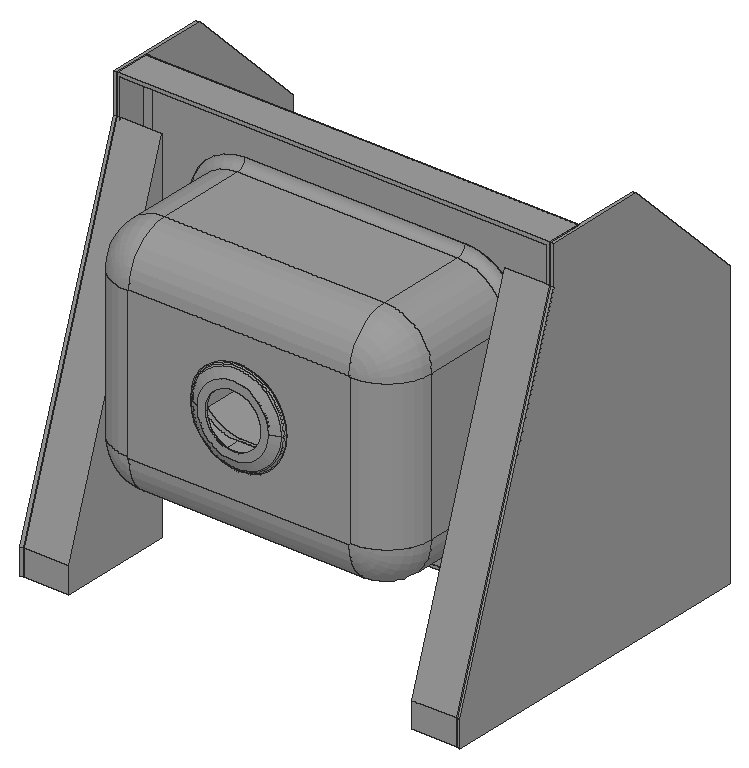
Revit family "equip-sink-elkay-hand-wall-chs1716", category Plumbing Fixtures, host Face, Revit 2019
Family settings
  Host = Face
  Round Connector Dimension = Use Radius
  Part Type = Normal
  Cut with Voids When Loaded = No
  Shared = No
  Room Calculation Point = No
Parameters (values of type "CHS1716LRS2")
  Side Splashes = yes
  Rough-In Water Supply Distance Left from CL Sink = 0' - 8 5/8"
  WFU = 0
  Vent Connection = yes
  Valve Material = Metal - Brass
  URL = "www.elkayusa.com"
  Type Comments = ""
  Thermostatic Mix Valve = no
  Supply Line Mix Length = if(No Mix Valve, 0' 3 1/2", 0' 0 1/2")  # 0' - 3 1/2"
  Stem Material = Metal - Steel
  Specification Sheet URL = "http://www.elkayusa.com/cps/rde/xbcr/elkay/04-17_CHS1716LRSC.pdf"
  Sink Width = 1' - 3 1/2"
  Sink San Conn Extr Visibility = no
  Sink Part = "CHS1716LRS2"
  Sink Material = Metal - Steel - Stainless - Chrome
  Sink Length = 1' - 4 3/4"
  Sink Ledge Right Width Hidden = if(Sink Ledge Right Width > 0' 1 1/2", Sink Ledge Right Width, 0' 1 1/2")  # 0' - 2 3/8"
  Sink Ledge Right Width = 0' - 2 3/8"
  Sink Ledge Left Width Hidden = if(Sink Ledge Left Width > 0' 1 1/2", Sink Ledge Left Width, 0' 1 1/2")  # 0' - 2 3/8"
  Sink Ledge Left Width = 0' - 2 3/8"
  Sink Ledge Front Width Hidden = if(Sink Ledge Front Width > 0' 1 1/2", Sink Ledge Front Width, 0' 1 1/2")  # 0' - 2 3/8"
  Sink Ledge Front Width = 0' - 2 3/8"
  Sink Ledge Back Width Hidden = if(Sink Ledge Back Width > 0' 1 1/2", Sink Ledge Back Width, 0' 1 1/2")  # 0' - 3 7/8"
  Sink Ledge Back Width = 0' - 3 7/8"
  Sanitary Nominal Radius = Sanitary Nominal Dia / 2  # 0' - 0 3/4"
  Sanitary Nominal Dia = 0' - 1 1/2"
  Sanitary Flow Rate = 10 GPM
  Rough-In Water Supply Installation Height = 1' - 1 1/8"
  Rough-In Sanitary Right From CL Sink = 0' - 2"
  Rough-In Sanitary Installation Height = 2' - 2"
  Right Bowl Dist to Right Sink Edge = 0' - 2"
  Reference Level to Back Plane = 0' - 1 1/2"
  OmniClass Title = "Service Sinks"
  OmniClass Code = "23.45.05.14.14.27"
  Nominal Radius = Nominal Dia / 2  # 0' - 0 1/4"
  Nominal Dia = 0' - 0 1/2"
  No Mix Valve = yes
  Model = "CHS1716LRS2"
  Mix Valve Part = "NA"
  Minimum Cabinet Width = "NA"
  Mechanical Mix Valve = no
  MasterFormat Title = "Commercial Sinks"
  MasterFormat Number = "22.42.16.16"
  Manufacturer = "Elkay Manufacturing"
  Left Bowl Dist to Left Sink Edge = 0' - 2"
  Keynote = "D2010410"
  Hole Radius = Faucet Hole Dia / 2  # 0' - 0 5/8"
  Hole One to Two = 0' - 4"
  Hole One to Three = 0' - 8"
  HWFU = 0
  HW Flow Rate = 2 GPM
  Floor to Rim Height Hidden [instance] = if(Default Elevation > 2' 7 31/64", Default Elevation, 2' 7 1/2")  # 3' - 0"
  Faucet Water Supply Radius = 0' - 0 3/16"  # constant formula
  Faucet Part = "NA"
  Faucet Material = Metal - Steel - Stainless - Chrome
  Faucet Hole Two Top = 0' - 0 1/8"
  Faucet Hole Two = Faucet Hole Two Top > 0' 0 63/256"  # no
  Faucet Hole Three Top = 0' - 0 1/4"
  Faucet Hole Three = Faucet Hole Three Top > 0' 0 63/256"  # yes
  Faucet Hole One to CL = 0' - 4"
  Faucet Hole One Top = 0' - 0 1/4"
  Faucet Hole One = Faucet Hole One Top > 0' 0 63/256"  # yes
  Faucet Hole Dia = 0' - 1 1/4"
  Drain Part = "NA"
  Drain Material = Metal - Steel - Stainless - Chrome
  Drain CL LR to Left Bowl Edge = Bowl Length / 2  # 0' - 6"
  Distance Between Rough-In Water Supplies = 0' - 8"
  Description = "Wash-Up Lavatory Sinks"
  Default Elevation = 3' - 0"
  Date Created = "2011-06-30"
  Cost = 1
  CWFU = 0
  CW Flow Rate = 2 GPM
  Faucet CL to Top Backsplash = 0' - 4"
  Bubbler Part = "NA"
  Bubbler Nominal Radius = Bubbler Nominal Dia / 2  # 0' - 0 1/4"
  Bubbler Nominal Dia = 0' - 0 1/2"
  Bubbler Material = Metal - Steel - Stainless - Chrome
  Bubbler CW Flow Rate = 2 GPM
  Bowl Width = (Sink Width - Sink Ledge Front Width - Sink Ledge Back Width)  # 0' - 9 1/4"
  Bowl Length = Sink Length - Sink Ledge Left Width - Sink Ledge Right Width  # 1' - 0"
  Bowl Drain Location FB = Bowl Width / 2  # 0' - 4 5/8"
  Bowl Depth = 0' - 6"
  Backsplash Width = 0' - 2"
  Backsplash Height = 0' - 7 3/8"
  Assembly Code = "D2010410"
  Angle to Drain [instance] = 48.188°
  AC Power = no
Types (4): name | Side Splashes | Specification Sheet URL | Sink Part | Model | Faucet Hole Two Top | Faucet Hole Two | Faucet Hole Three Top | Faucet Hole Three | Faucet Hole One Top | Faucet Hole One
  CHS17162 | no | "http://www.elkayusa.com/cps/rde/xbcr/elkay/04-01H_CHS1716(C).pdf" | "CHS17162" | "CHS17162" | 0' - 0 1/8" | no | 0' - 0 1/4" | yes | 0' - 0 1/4" | yes
  CHS1716LRS2 | yes | "http://www.elkayusa.com/cps/rde/xbcr/elkay/04-17_CHS1716LRSC.pdf" | "CHS1716LRS2" | "CHS1716LRS2" | 0' - 0 1/8" | no | 0' - 0 1/4" | yes | 0' - 0 1/4" | yes
  CHS17161 | no | "http://www.elkayusa.com/cps/rde/xbcr/elkay/04-01H_CHS1716(C).pdf" | "CHS17161" | "CHS17162" | 0' - 0 1/4" | yes | 0' - 0 1/8" | no | 0' - 0 1/8" | no
  CHS1716LRS1 | yes | "http://www.elkayusa.com/cps/rde/xbcr/elkay/04-17_CHS1716LRSC.pdf" | "CHS1716LRS2" | "CHS1716LRS2" | 0' - 0 1/4" | yes | 0' - 0 1/8" | no | 0' - 0 1/8" | no
Reference planes (in)
  plane 1 "Center (Front/Back)": y = 0
  plane 2: z = 0
  plane 3 "Center (Left/Right)": x = 0
  plane 4 "Recommend Installation Base": y = -36
  plane 5 "Face of Connectors": z = 0.125
  plane 6 "Water Supply Install Height": y = -22.875
  plane 7 "Sanitary Install Height": y = -10
  plane 8 "Water Cold Supply Install Plan": x = -0.625
  plane 9 "Water Hot Supply Plan": x = -8.625
  plane 10 "Sanitary Install Plan": x = 2
  plane 11 "Sink Deck": y = -0.1875
  plane 12 "CL Drain F/B": z = 8.5
  plane 13 "Back Edge Bowl": z = 3.875
  plane 14 "Left": x = -8.375
  plane 15 "Right": x = 8.375
  plane 16 "Front": z = 15.5
  plane 17 "Front Edge Bowl": z = 13.125
  plane 18 "Left Edge Bowl": x = -6
  plane 19 "Right Edge Bowl": x = 6
  plane 20 "Sweep Inside Left": x = -7.82422
  plane 21 "Sweep Inside Right": x = 7.82422
  plane 22 "Sweep Inside Front": z = 14.94922
  plane 23 "Masking Region": y = 1.25
  plane 24 "Top of Drain Family": y = -6.0625
  plane 25 "Bowl Bottom": y = -6.1875
  plane 26 "CL Faucet Hole Elevation": y = 3.1875
  plane 27 "Top": y = 7.1875
  plane 28 "Bottom Drain Pipe Extension": y = -9.5865
  plane 29 "Top of Drain Pipe Extension": y = -7.5325
  plane 30 "Backsplash Front": z = 2
  plane 31 "Right SideSplash": x = 8.5
  plane 32 "Left SideSplash": x = -8.5
  plane 33: x = 4.04669
  plane 34 "Left Edge Faucet": x = -0.1875
  plane 35 "Right Faucet Edge": x = 0.1875
Forms (in)
  Extrusion 1, solid, material "Glass", not visible
    sketch origin (0, 0, 0) x (1, 0, 0) y (0, 1, 0)
      loop
        circle (2, -10) r 0.75
    from 0 to 0.125
  Extrusion 2, solid, material "Glass", not visible
    sketch origin (0, 0, 0) x (1, 0, 0) y (0, 1, 0)
      loop
        circle (-8.625, -22.875) r 0.25
    from 0 to 0.125
  Extrusion 3, solid, material "Glass", not visible
    sketch origin (0, 0, 0) x (1, 0, 0) y (0, 1, 0)
      loop
        circle (-0.625, -22.875) r 0.25
    from 0 to 0.125
Lines and regions (in)
  Masking region 1
    outline origin (0, 1.25, 0) x (0, 0, 1) y (1, 0, 0)
      loop
        line (15.5, 8.375) -> (0, 8.375) -> (0, -8.375) -> (15.5, -8.375) -> (15.5, 8.375)
  Masking region 2, visible <- "Side Splashes"
    outline origin (0, 1.25, 0) x (0, 0, 1) y (1, 0, 0)
      loop
        line (15.5, 8.5) -> (0, 8.5) -> (0, 8.375) -> (15.5, 8.375) -> (15.5, 8.5)
  Masking region 3, visible <- "Side Splashes"
    outline origin (0, 1.25, 0) x (0, 0, 1) y (1, 0, 0)
      loop
        line (15.5, -8.375) -> (0, -8.375) -> (0, -8.5) -> (15.5, -8.5) -> (15.5, -8.375)
  reference lines
    curve 1: circle (2, -10, 0) r 0.75 normal (0, 0, 1)
    curve 2: circle (-8.625, -22.875, 0) r 0.25 normal (0, 0, 1)
    curve 3: circle (-0.625, -22.875, 0) r 0.25 normal (0, 0, 1)
    curve 4: circle (-0.625, 0, 5.5) r 0.25 normal (0, -1, 0)
    curve 5: circle (0, 0, 5.5) r 0.1875 normal (0, -1, 0)
    curve 6: circle (0, 1.25, 8.5) r 1.075 normal (0, 1, 0)
    curve 7: circle (0, 1.25, 8.5) r 1.875 normal (0, 1, 0)
  symbolic lines
    curve 8: line (4.25, 1.25, 3.875) -> (-4.25, 1.25, 3.875)
    curve 9: line (6, 1.25, 5.625) -> (6, 1.25, 11.375)
    curve 10: line (-6, 1.25, 11.375) -> (-6, 1.25, 5.625)
    curve 11: line (4.25, 1.25, 13.125) -> (-4.25, 1.25, 13.125)
    curve 12: arc (-6, 1.25, 11.375) -> (-5.48744, 1.25, 12.61244) -> (-4.25, 1.25, 13.125) r 1.75
    curve 13: arc (6, 1.25, 11.375) -> (5.48744, 1.25, 12.61244) -> (4.25, 1.25, 13.125) r 1.75
    curve 14: arc (6, 1.25, 5.625) -> (5.48744, 1.25, 4.38756) -> (4.25, 1.25, 3.875) r 1.75
    curve 15: arc (-4.25, 1.25, 3.875) -> (-5.48744, 1.25, 4.38756) -> (-6, 1.25, 5.625) r 1.75
    curve 16: circle (0, 1.25, 8.5) r 1.875 normal (0, 1, 0)
    curve 17: circle (0, 1.25, 8.5) r 1.075 normal (0, 1, 0)
    curve 18: line (7.82422, 1.25, 14.94922) -> (-7.82422, 1.25, 14.94922)
    curve 19: line (7.82422, 1.25, 2) -> (7.82422, 1.25, 14.94922)
    curve 20: line (-7.82422, 1.25, 14.94922) -> (-7.82422, 1.25, 2)
    curve 21: line (8.375, 1.25, 2) -> (-8.375, 1.25, 2)
Dimensions and locks (in)
  plane 4 "Recommend Installation Base" to plane 1 "Center (Front/Back)" = 3' - 0"
  locked: plane 5 "Face of Connectors" to plane 2 at 0.125
  "Rough-In Water Supply Distance Left from CL Sink": plane 9 "Water Hot Supply Plan" to plane 3 "Center (Left/Right)"
  "Distance Between Rough-In Water Supplies": plane 9 "Water Hot Supply Plan" to plane 8 "Water Cold Supply Install Plan"
  "Rough-In Sanitary Right From CL Sink": plane 3 "Center (Left/Right)" to plane 10 "Sanitary Install Plan"
  "Floor to Rim Height Hidden": plane 4 "Recommend Installation Base" to plane 1 "Center (Front/Back)"
  "Rough-In Water Supply Installation Height": plane 6 "Water Supply Install Height" to plane 4 "Recommend Installation Base"
  "Rough-In Sanitary Installation Height": plane 7 "Sanitary Install Height" to plane 4 "Recommend Installation Base"
  locked: plane 1 "Center (Front/Back)" to plane 11 "Sink Deck" at 0.1875
  "Bowl Drain Location FB": plane 12 "CL Drain F/B" to plane 13 "Back Edge Bowl"
  locked: plane 22 "Sweep Inside Front" to plane 16 "Front" at 0.55078
  locked: plane 14 "Left" to plane 20 "Sweep Inside Left" at 0.55078
  locked: plane 21 "Sweep Inside Right" to plane 15 "Right" at 0.55078
  "Sink Ledge Left Width Hidden": plane 14 "Left" to plane 18 "Left Edge Bowl"
  "Sink Ledge Right Width Hidden": plane 19 "Right Edge Bowl" to plane 15 "Right"
  "Sink Ledge Front Width Hidden": plane 17 "Front Edge Bowl" to plane 16 "Front"
  "Sink Length": plane 14 "Left" to plane 15 "Right"
  equal spacing: plane 14 "Left", plane 3 "Center (Left/Right)", plane 15 "Right"
  locked: plane 1 "Center (Front/Back)" to plane 23 "Masking Region" at 1.25
  locked: plane 25 "Bowl Bottom" to plane 24 "Top of Drain Family" at 0.125
  "Bowl Depth": plane 25 "Bowl Bottom" to plane 11 "Sink Deck"
  "Sink Ledge Back Width Hidden": plane 13 "Back Edge Bowl" to plane 2
  "Sink Width": plane 2 to plane 16 "Front"
  "Faucet CL to Top Backsplash": plane 26 "CL Faucet Hole Elevation" to plane 27 "Top"
  "Backsplash Height": plane 11 "Sink Deck" to plane 27 "Top"
  plane 28 "Bottom Drain Pipe Extension" to plane 7 "Sanitary Install Height" = 0' - 0.4135"
  locked: plane 24 "Top of Drain Family" to plane 29 "Top of Drain Pipe Extension" at 1.47
  "Backsplash Width": host face to plane 30 "Backsplash Front"
  locked: plane 32 "Left SideSplash" to plane 14 "Left" at 0.125
  locked: plane 15 "Right" to plane 31 "Right SideSplash" at 0.125
  locked: plane 35 "Right Faucet Edge" to plane 3 "Center (Left/Right)" at 0.1875
  locked: plane 3 "Center (Left/Right)" to plane 34 "Left Edge Faucet" at 0.1875
  "Sanitary Nominal Radius": radius of curve 1
  "Nominal Radius": radius of curve 2
  "Nominal Radius": radius of curve 3
  "Nominal Radius": radius of curve 4
  "Faucet Water Supply Radius": radius of curve 5
  aligned and locked: plane 2 to host face
  aligned and locked: level to host face
  aligned: nested 1 to plane 1 "Center (Front/Back)"
  aligned and locked: Extrusion 1 sketch curve to curve 1
  aligned and locked: Extrusion 2 sketch curve to curve 2
  aligned and locked: Extrusion 3 sketch curve to curve 3
  aligned and locked: Extrusion 1 to plane 2
  aligned and locked: plane 5 "Face of Connectors" to Extrusion 1
  aligned and locked: Extrusion 3 to plane 2
  aligned and locked: plane 5 "Face of Connectors" to Extrusion 3
  aligned and locked: Extrusion 2 to plane 2
  aligned and locked: plane 5 "Face of Connectors" to Extrusion 2
  aligned and locked: plane 3 "Center (Left/Right)" to nested 1
  aligned: plane 1 "Center (Front/Back)" to nested 1
  aligned and locked: Masking region 1 sketch curve to plane 14 "Left"
  aligned and locked: plane 16 "Front" to Masking region 1 sketch curve
  aligned and locked: plane 15 "Right" to Masking region 1 sketch curve
  aligned and locked: plane 2 to Masking region 1 sketch curve
  aligned and locked: plane 31 "Right SideSplash" to Masking region 2 sketch curve
  aligned and locked: Masking region 2 sketch curve to plane 15 "Right"
  aligned and locked: plane 16 "Front" to Masking region 2 sketch curve
  aligned and locked: plane 2 to Masking region 2 sketch curve
  aligned and locked: plane 16 "Front" to Masking region 3 sketch curve
  aligned and locked: Masking region 3 sketch curve to plane 32 "Left SideSplash"
  aligned and locked: plane 14 "Left" to Masking region 3 sketch curve
  aligned and locked: plane 2 to Masking region 3 sketch curve
  aligned and locked: curve 12 to nested 1
  aligned and locked: curve 13 to nested 1
  aligned and locked: curve 14 to nested 1
  aligned and locked: curve 15 to nested 1
  aligned and locked: curve 16 to curve 7
  aligned and locked: curve 17 to curve 6
  aligned and locked: plane 22 "Sweep Inside Front" to curve 18
  aligned and locked: curve 20 to plane 20 "Sweep Inside Left"
  aligned and locked: plane 21 "Sweep Inside Right" to curve 19
  aligned and locked: plane 30 "Backsplash Front" to curve 19
  aligned and locked: curve 21 to plane 30 "Backsplash Front"
  aligned and locked: plane 15 "Right" to curve 21
  aligned and locked: plane 14 "Left" to curve 21
Automatic sketch dimensions
  host sketch curve to host sketch curve = 8' - 0"  (x2)
  curve 4 to plane 8 "Water Cold Supply Install Plan" = 0' - 0"
  curve 5 to plane 3 "Center (Left/Right)" = 0' - 0"
  curve 2 to plane 6 "Water Supply Install Height" = 0' - 0"
  curve 2 to plane 9 "Water Hot Supply Plan" = 0' - 0"
  curve 3 to plane 6 "Water Supply Install Height" = 0' - 0"
  curve 3 to plane 8 "Water Cold Supply Install Plan" = 0' - 0"
  curve 1 to plane 7 "Sanitary Install Height" = 0' - 0"
  curve 1 to plane 10 "Sanitary Install Plan" = 0' - 0"
  plane 13 "Back Edge Bowl" to curve 5 = 0' - 1 5/8"
  plane 13 "Back Edge Bowl" to curve 4 = 0' - 1 5/8"
  curve 6 to curve 7 = 0' - 0"  (x2)
  curve 7 to plane 3 "Center (Left/Right)" = 0' - 0"
  curve 7 to plane 12 "CL Drain F/B" = 0' - 0"
  radius of curve 6 = 0' - 1.075"
  radius of curve 7 = 0' - 1 7/8"
Nested families (in)
  nested 1: "equip-sink-elkay-hand-wall-perp" at (0, 2, 0), type "equip-sink-elkay-hand-wall-perp"
    with Side Splashes yes, San Conn Extr Visibility no, Faucet Hole Two Top 0' - 0 1/8", Faucet Hole Two no, Faucet Hole Three Top 0' - 0 1/4", Faucet Hole Three yes, Faucet Hole One yes, Faucet Hole One Top 0' - 0 1/4"
Connectors (in)
  piping at (2, -10, 0), diameter 1.5, driven by "Sanitary Nominal Radius", driven by "Sanitary Flow Rate"
    settings: on Extrusion 1, index 1, connector inside diameter 1 1/2", connector length 0' - 0", flow factor 0, pipe flow 10 GPM, pressure drop 0.00 psi, fitting loss kfactor 0, connector angle 0.00°, fixture units 0, engagement length 0' - 0", angle of deflection 0.00°, flow configuration 1, flow direction 2, fitting loss method 0, system type 16, joint type 0, gender type 0, connector reference index -1, connector utility 0, adjustable connector yes, is connector primary yes, connector description "Sanitary"
  piping at (-0.625, -22.875, 0), diameter 0.5, driven by "Nominal Radius", driven by "CW Flow Rate"
    settings: on Extrusion 3, index 2, connector inside diameter 1/2", connector length 0' - 0", flow factor 0, pipe flow 2 GPM, pressure drop 0.00 psi, fitting loss kfactor 0, connector angle 0.00°, fixture units 0, engagement length 0' - 0", angle of deflection 0.00°, flow configuration 1, flow direction 1, fitting loss method 0, system type 29, joint type 0, gender type 0, connector reference index -1, connector utility 0, adjustable connector no, is connector primary no, connector description "Cold Water Supply"
  piping at (-8.625, -22.875, 0), diameter 0.5, driven by "Nominal Radius", driven by "CW Flow Rate"
    settings: on Extrusion 2, index 3, connector inside diameter 1/2", connector length 0' - 0", flow factor 0, pipe flow 2 GPM, pressure drop 0.00 psi, fitting loss kfactor 0, connector angle 0.00°, fixture units 0, engagement length 0' - 0", angle of deflection 0.00°, flow configuration 1, flow direction 1, fitting loss method 0, system type 29, joint type 0, gender type 0, connector reference index -1, connector utility 0, adjustable connector no, is connector primary no, connector description "Hot Water Supply"
Definition of nested family "equip-sink-elkay-hand-wall-perp"
  Parameters
    URL = "www.elkayusa.com"
    Stem Material = none
    Specification Sheet URL = ""
    Sink Width = 1' - 3 1/2"
    Sink Material = none
    Sink Length = 1' - 4 3/4"
    Sink Ledge Right Width Hidden = if(Sink Ledge Right Width > 0' 1 1/2", Sink Ledge Right Width, 0' 1 1/2")  # 0' - 2 3/8"
    Sink Ledge Right Width = 0' - 2 3/8"
    Sink Ledge Left Width Hidden = if(Sink Ledge Left Width > 0' 1 1/2", Sink Ledge Left Width, 0' 1 1/2")  # 0' - 2 3/8"
    Sink Ledge Left Width = 0' - 2 3/8"
    Sink Ledge Front Width Hidden = if(Sink Ledge Front Width > 0' 1 1/2", Sink Ledge Front Width, 0' 1 1/2")  # 0' - 2 3/8"
    Sink Ledge Front Width = 0' - 2 3/8"
    Sink Ledge Back Width Hidden = if(Sink Ledge Back Width > 0' 1 1/2", Sink Ledge Back Width, 0' 1 1/2")  # 0' - 3 7/8"
    Sink Ledge Back Width = 0' - 3 7/8"
    Sink Part = "CHS1716"
    Side Splashes = no
    San Conn Extr Visibility = yes
    Reference Level to Back Plane = 0' - 0"  # constant formula
    Plan View = yes
    Nominal Radius = Nominal Dia / 2  # 0' - 0 3/16"
    Nominal Dia = 0' - 0 3/8"
    Hole Radius = Faucet Hole Dia / 2  # 0' - 0 5/8"
    Hole One to Two = 0' - 4"
    Hole One to Three = 0' - 8"
    HW Flow Rate = 2 GPM
    Faucet Part = ""
    Faucet Material = none
    Faucet Hole Two Top = 0' - 0 1/4"
    Faucet Hole Two = Faucet Hole Two Top > 0' 0 63/256"  # yes
    Faucet Hole Dia = 0' - 1 1/4"
    Drain Part = ""
    Drain Material = none
    CW Flow Rate = 2 GPM
    Bubbler Part = ""
    Bubbler Nominal Radius = Bubbler Nominal Dia / 2  # 0' - 0 1/4"
    Bubbler Nominal Dia = 0' - 0 1/2"
    Bubbler Material = none
    Bubbler CW Flow Rate = 2 GPM
    Backsplash Height = 0' - 7 3/8"
    Faucet Hole Three Top = 0' - 0 1/8"
    Faucet Hole Three = Faucet Hole Three Top > 0' 0 63/256"  # no
    Faucet Hole One = Faucet Hole One Top > 0' 0 63/256"  # no
    Faucet CL to Top Backsplash = 0' - 4"
    Faucet Hole One to CL = 0' - 4"
    Drain CL LR to Left Bowl Edge = Bowl Length / 2  # 0' - 6"
    Faucet Hole One Top = 0' - 0 1/8"
    Bowl Depth = 0' - 6"
    Sanitary Flow Rate = 10 GPM
    OmniClass Title = "Service Sinks"
    OmniClass Code = "23.45.05.14.14.27"
    Sanitary Nominal Radius = Sanitary Nominal Dia / 2  # 0' - 0 3/4"
    Sanitary Nominal Dia = 0' - 1 1/2"
    Model = "CHS1716"
    Minimum Cabinet Width = ""
    MasterFormat Title = "Commercial Sinks"
    MasterFormat Number = "22.42.16.16"
    Manufacturer = "Elkay Manufacturing"
    Installation Sheet URL = ""
    Bowl Drain Location FB = 0' - 4 5/8"
    Description = "Wash-Up Lavatory Sinks"
    Default Elevation = 0' - 0"
    Deep Specification Sheet URL = ""
    Date Created = "2011-06-06"
    Bowl Length = Sink Length - Sink Ledge Left Width - Sink Ledge Right Width  # 1' - 0"
    Bowl Width = (Sink Width - Sink Ledge Front Width - Sink Ledge Back Width)  # 0' - 9 1/4"
    Assembly Code = "D2010410"
    2D Drain Line under faucet = no
  Reference planes (in)
    plane 1 "CL Sink Hole": z = 8.5
    plane 2 "Bottom-New": z = 0
    plane 3 "Center (Left/Right)": x = 0
    plane 4 "Basin Edge Left": x = -6
    plane 5 "Basin Edge Right": x = 6
    plane 6 "Back Right Bowl Edge": z = 3.875
    plane 7 "Basin Edge Front": z = 13.125
    plane 8 "Left": x = -8.375
    plane 9 "Right": x = 8.375
    plane 10 "Back": z = 0
    plane 11 "Front": z = 15.5
    plane 12 "Edge Opening Right": x = 6.42188
    plane 13 "Edge Opening Left": x = -6.42187
    plane 14 "Sink Top Piece Bottom Face": y = -2.25
    plane 15 "Top Radius Corner Prot": y = -2.60938
    plane 16 "Left Sink Bottom Piece Left Edge": x = -4.3125
    plane 17 "Sink Bottom Piece Right Edge": x = 4.3125
    plane 18 "Sink Bottom Piece Back Edge": z = 5.5625
    plane 19 "Sink Bottom Piece Front Edge": z = 11.4375
    plane 20 "Center (Front/Back)": z = 7.75
    plane 21 "Right Bowl CL Drain": x = 0
    plane 22 "Edge Opening Front": z = 13.54687
    plane 23 "Right Sink Right Edge Radius": x = 4.25
    plane 24 "Front Edge Bottom Edge Radius": z = 11.375
    plane 25 "Back Edge Bottom Edge Radius": z = 5.625
    plane 26 "Back Right Edge Opening": z = 3.45312
    plane 27 "Left Bowl Bottom Edge Radius": x = -4.25
    plane 28 "Masking Region": y = -0.93593
    plane 29 "Sink Wall Right Inside Edge": x = 7.82422
    plane 30 "Backsplash Front": z = 2
    plane 31 "Sink Wall Left Inside Edge": x = -7.82422
    plane 32 "Right Bowl Bottom Top Face": y = -7.8125
    plane 33 "Right Bowl Bottom Bottom Face": y = -7.875
    plane 34 "Right Bowl Bottom Top of Radius": y = -6.125
    plane 35 "Top of Rim": y = -1.8125
    plane 36 "CL Bowl Left/Right": x = 0
    plane 37 "CL Bowl Front/Back": z = 8.5
    plane 38 "Top of Backsplash": y = 5.1875
    plane 39 "Bottom of Side Apron": y = -3.3125
    plane 40 "Bottom of Bracket": y = -7.8125
    plane 41 "Front of Side Angle": z = 14
    plane 42 "Sink Wall Front Inside Edge": z = 14.94822
    plane 43 "Faucet Hole One": x = -4
    plane 44 "Faucet Hole 3": x = 4
    plane 45 "Faucet Hole 2": x = 0
    plane 46 "Front Angle": z = 1
    plane 47 "Top Overflow Cup": y = -8.15428
    plane 48 "Bottom of Overflo Cup Lip": y = -8.24803
    plane 49 "CL Overflow Elev": y = -3.25
    plane 50 "Sink Deck": y = -2.1875
    plane 51 "Bottom of San Connector": y = -8.31053
    plane 52: x = -0.375
    plane 53: x = 0.375
    plane 54 "Drain Placement Face": y = -8.09178
    plane 55 "Right Side Outside Edge Bracket": x = 8.25
    plane 56 "Right Side Inside Edge Bracket": x = 6.625
    plane 57 "Left Side Outside Edge Bracket": x = -8.25
    plane 58 "Left Side Inside Edge Bracket": x = -6.625
    plane 59 "Backsplash Front Angle Elev": y = 3.1875
    plane 60 "Backsplash Trun-down": y = 4.6875
    plane 61 "Backsplash Front Inside Edge": z = 1.875
    plane 62 "Backsplash Back edge Inside": y = 5.01072
    plane 63 "Backsplash Front Top Inside Edge": y = 3.13572
    plane 64 "Faucet CL Elev": y = 1.1875
    plane 65 "Back of Faucet Holes": z = 1.75
    plane 66 "Front of Faucet Hole 3": z = 1.875
    plane 67 "Front of Faucet Hole 2": z = 2
    plane 68 "Front of Faucet Hole 1": z = 1.875
    plane 69 "Side Splash Left": x = -8.5
    plane 70 "Side Splash Right": x = 8.5
    plane 71 "Side Splash Lower Front": y = 0.6875
    plane 72 "Side Splash Corner Edge": z = 11
  Forms (in)
    Extrusion 1, solid, material <- "Sink Material"
      sketch origin (0, -38, 34) x (0, 0, -1) y (0, 1, 0)
        loop
          line (20, 34.6875) -> (33, 30.1875) -> (34, 30.1875) -> (34, 34.6875) -> (20, 34.6875)
      from 6.625 to 8.375
    Extrusion 2, solid, material <- "Sink Material"
      sketch origin (0, -38, 34) x (0, 0, -1) y (0, 1, 0)
        loop
          line (34, 34.6875) -> (20, 34.6875) -> (33, 30.1875) -> (34, 30.1875) -> (34, 34.6875)
      from -8.375 to -6.625
    Sweep 3, solid, material <- "Sink Material"
      path origin (0, -2.1875, 0) x (0, 0, -1) y (1, 0, 0)
        loop
          line (-2, 8.375) -> (-15.5, 8.375) -> (-15.5, -8.375) -> (-2, -8.375)
      profile origin (0, -2.1875, 15.5) x (0, 0, -1) y (0, -1, 0)
        loop
          line (0, 1.125) -> (0, -0.25)
          arc (0, -0.25) -> (0.07716, -0.36548) -> (0.21339, -0.33839) r 0.125
          line (0.21339, -0.33839) -> (0.55178, 0) -> (0.125, 0) -> (0.125, 1.125) -> (0, 1.125)
    Extrusion 4, solid, visible <- "San Conn Extr Visibility"
      sketch origin (0, -9.87303, 0) x (0, 0, 1) y (1, 0, 0)
        loop
          circle (8.5, 0) r 0.75
      from 1.5625 to 1.625
    Sweep 5, solid, material <- "Sink Material"
      path origin (0, -2.1875, 0) x (0, 0, -1) y (1, 0, 0)
        loop
          line (-13.125, 4.25) -> (-13.125, -4.25)
          arc (-13.125, -4.25) -> (-12.61244, -5.48744) -> (-11.375, -6) r 1.75
          line (-11.375, -6) -> (-5.625, -6)
          arc (-5.625, -6) -> (-4.38756, -5.48744) -> (-3.875, -4.25) r 1.75
          line (-3.875, -4.25) -> (-3.875, 4.25)
          arc (-3.875, 4.25) -> (-4.38756, 5.48744) -> (-5.625, 6) r 1.75
          line (-5.625, 6) -> (-11.375, 6)
          arc (-11.375, 6) -> (-12.61244, 5.48744) -> (-13.125, 4.25) r 1.75
      profile origin (0, -2.1875, 13.125) x (0, 0, -1) y (0, -1, 0)
        loop
          line (0, 0.42187) -> (0, 3.9375)
          arc (0, 3.9375) -> (0.49426, 5.13074) -> (1.6875, 5.625) r 1.6875
          line (1.6875, 5.625) -> (1.6875, 5.6875)
          arc (1.6875, 5.6875) -> (0.45006, 5.17494) -> (-0.0625, 3.9375) r 1.75
          line (-0.0625, 3.9375) -> (-0.0625, 0.42187)
          arc (-0.0625, 0.42187) -> (-0.16776, 0.16776) -> (-0.42187, 0.0625) r 0.35937
          line (-0.42187, 0.0625) -> (-0.42187, 0)
          arc (-0.42187, 0) -> (-0.12356, 0.12356) -> (0, 0.42187) r 0.42187
    Extrusion 6, solid, material <- "Sink Material"
      sketch origin (0, -2.1875, 0) x (0, 0, -1) y (1, 0, 0)
        loop
          arc (-11.375, 4.3125) -> (-11.41919, 4.29419) -> (-11.4375, 4.25) r 0.0625
          line (-11.4375, 4.25) -> (-11.4375, -4.25)
          arc (-11.4375, -4.25) -> (-11.41919, -4.29419) -> (-11.375, -4.3125) r 0.0625
          line (-11.375, -4.3125) -> (-5.625, -4.3125)
          arc (-5.625, -4.3125) -> (-5.58081, -4.29419) -> (-5.5625, -4.25) r 0.0625
          line (-5.5625, -4.25) -> (-5.5625, 4.25)
          arc (-5.5625, 4.25) -> (-5.58081, 4.29419) -> (-5.625, 4.3125) r 0.0625
          line (-5.625, 4.3125) -> (-11.375, 4.3125)
        loop
          circle (-8.5, 0) r 1.875
      from 5.6875 to 5.625
    Sweep 7, solid, material <- "Sink Material"
      path origin (0, -7.8125, 0) x (-1, 0, 0) y (0, 0, 1)
        loop
          circle (0, 8.5) r 1.875
      profile "profile-elkay-sink-d36-csk : profile-elkay-sink-d36-csk" origin (0, -7.8125, 10.375) x (0, 0, -1) y (0, 1, 0)
        loop
          line (0.5, -0.29111) -> (0.15646, -0.13437)
          arc (0.15646, -0.13437) -> (0.14249, -0.12559) -> (0.13131, -0.11346) r 0.0625
          line (0.13131, -0.11346) -> (0.08817, -0.05226)
          arc (0.08817, -0.05226) -> (0.05064, -0.01507) -> (0, 0) r 0.1086
          line (0, 0) -> (0, -0.04618)
          arc (0, -0.04618) -> (0.02621, -0.05419) -> (0.04646, -0.07265) r 0.0625
          line (0.04646, -0.07265) -> (0.09341, -0.13969)
          arc (0.09341, -0.13969) -> (0.11294, -0.16097) -> (0.13739, -0.17634) r 0.1086
          line (0.13739, -0.17634) -> (0.49168, -0.33798) -> (0.8, -0.33798) -> (0.8, -0.29111) -> (0.5, -0.29111)
    Extrusion 8, solid, material <- "Sink Material"
      sketch origin (0, -2.1875, 0) x (0, 0, -1) y (1, 0, 0)
        loop
          line (-11.375, -6.42188) -> (-5.625, -6.42187)
          arc (-5.625, -6.42187) -> (-4.08925, -5.78575) -> (-3.45312, -4.25) r 2.17187
          line (-3.45312, -4.25) -> (-3.45312, 4.25)
          arc (-3.45312, 4.25) -> (-4.08925, 5.78575) -> (-5.625, 6.42188) r 2.17187
          line (-5.625, 6.42188) -> (-11.375, 6.42187)
          arc (-11.375, 6.42187) -> (-12.91075, 5.78575) -> (-13.54687, 4.25) r 2.17187
          line (-13.54687, 4.25) -> (-13.54687, -4.25)
          arc (-13.54687, -4.25) -> (-12.91075, -5.78575) -> (-11.375, -6.42188) r 2.17187
        loop
          line (-14.94822, 7.82422) -> (-14.94822, -7.82422) -> (-2, -7.82422) -> (-2, 7.82422) -> (-14.94822, 7.82422)
      from 0 to 0.0625
    Sweep 9, solid, material <- "Sink Material"
      path origin (0, -0.93593, 0) x (-1, 0, 0) y (0, 0, 1)
        loop
          line (8.25, 0) -> (-8.25, 0)
      profile origin (0, -0.93593, 0) x (0, 0, -1) y (0, 1, 0)
        loop
          line (-2, 4.12343) -> (-2, -1.31407) -> (-1.875, -1.31407) -> (-1.875, 4.07165) -> (-0.32322, 5.62343) -> (0, 5.62343) -> (0, 6.12343) -> (-2, 4.12343)
    Extrusion 10, solid, material <- "Sink Material"
      sketch origin (0, 0, 0) x (0, 1, 0) y (0, 0, 1)
        loop
          line (3.1875, 2) -> (-3.3125, 2) -> (-3.3125, 0) -> (5.1875, 0) -> (3.1875, 2)
      from 8.25 to 8.375
    Extrusion 11, solid, material <- "Sink Material"
      sketch origin (0, 0, 0) x (0, 1, 0) y (0, 0, 1)
        loop
          line (3.1875, 2) -> (-3.3125, 2) -> (-3.3125, 0) -> (5.1875, 0) -> (3.1875, 2)
      from -8.375 to -8.25
    Extrusion 12, void
      sketch origin (0, 0, 0) x (1, 0, 0) y (0, 1, 0)
        loop
          circle (-4, 1.1875) r 0.625
      from 1.75 to 1.875
    Extrusion 13, void
      sketch origin (0, 0, 0) x (1, 0, 0) y (0, 1, 0)
        loop
          circle (0, 1.1875) r 0.625
      from 1.75 to 2
    Extrusion 14, void
      sketch origin (0, 0, 0) x (1, 0, 0) y (0, 1, 0)
        loop
          circle (4, 1.1875) r 0.625
      from 1.75 to 1.875
    Extrusion 15, solid, material <- "Sink Material", visible <- "Side Splashes"
      sketch origin (0, 0, 0) x (0, 1, 0) y (0, 0, 1)
        loop
          line (0.6875, 15.5) -> (-3.3125, 15.5) -> (-3.3125, 14) -> (-7.8125, 1) -> (-7.8125, 0) -> (5.1875, 0) -> (5.1875, 11) -> (0.6875, 15.5)
      from 8.375 to 8.5
    Extrusion 16, solid, material <- "Sink Material", visible <- "Side Splashes"
      sketch origin (0, 0, 0) x (0, 1, 0) y (0, 0, 1)
        loop
          line (0.6875, 15.5) -> (-3.3125, 15.5) -> (-3.3125, 14) -> (-7.8125, 1) -> (-7.8125, 0) -> (5.1875, 0) -> (5.1875, 11) -> (0.6875, 15.5)
      from -8.5 to -8.375
  Cuts and joins
    joined: Sweep 5, Extrusion 6, Sweep 7
    Extrusion 12, Extrusion 13, Extrusion 14 cuts Sweep 9
    joined: Extrusion 1, Extrusion 2, Sweep 3, Sweep 9, Extrusion 10, Extrusion 11
  Lines and regions (in)
    Masking region 1, visible <- "Plan View"
      outline origin (0, -0.93593, 0) x (-1, 0, 0) y (0, 0, 1)
        loop
          line (-8.375, 15.5) -> (-8.375, 0) -> (8.375, 0) -> (8.375, 15.5) -> (-8.375, 15.5)
    Masking region 2, visible <- "Side Splashes"
      outline origin (0, -0.93593, 0) x (-1, 0, 0) y (0, 0, 1)
        loop
          line (-8.5, 15.5) -> (-8.5, 0) -> (-8.375, 0) -> (-8.375, 15.5) -> (-8.5, 15.5)
    Masking region 3, visible <- "Side Splashes"
      outline origin (0, -0.93593, 0) x (-1, 0, 0) y (0, 0, 1)
        loop
          line (8.375, 15.5) -> (8.375, 0) -> (8.5, 0) -> (8.5, 15.5) -> (8.375, 15.5)
    symbolic lines, visible <- "Plan View"
      curve 1: line (-8.38245, -0.93593, 2) -> (8.375, -0.93593, 2)
      curve 2: line (-7.82422, -0.93593, 14.94077) -> (-7.82422, -0.93593, 2)
      curve 3: line (7.82422, -0.93593, 2) -> (7.82422, -0.93593, 14.94077)
      curve 4: line (7.82422, -0.93593, 14.94077) -> (-7.82422, -0.93593, 14.94077)
      curve 23: line (-6, -0.93593, 5.625) -> (-6, -0.93593, 11.375)
      curve 24: line (-4.25, -0.93593, 13.125) -> (4.25, -0.93593, 13.125)
      curve 25: line (6, -0.93593, 5.625) -> (6, -0.93593, 11.375)
      curve 26: line (-4.25, -0.93593, 3.875) -> (-0.375, -0.93593, 3.875)
      curve 27: arc (-4.25, -0.93593, 3.875) -> (-5.48744, -0.93593, 4.38756) -> (-6, -0.93593, 5.625) r 1.75
      curve 28: arc (6, -0.93593, 5.625) -> (5.48744, -0.93593, 4.38756) -> (4.25, -0.93593, 3.875) r 1.75
      curve 29: arc (6, -0.93593, 11.375) -> (5.48744, -0.93593, 12.61244) -> (4.25, -0.93593, 13.125) r 1.75
      curve 30: arc (-6, -0.93593, 11.375) -> (-5.48744, -0.93593, 12.61244) -> (-4.25, -0.93593, 13.125) r 1.75
      curve 32: arc (-0.37161, -0.93593, 6.66219) -> (-0.00374, -0.93593, 10.375) -> (0.37894, -0.93593, 6.66369) r 1.875
      curve 34: line (0.375, -0.93593, 3.875) -> (4.25, -0.93593, 3.875)
    reference lines, not visible
      curve 5: arc (8.375, 5.1875, 1.95851) -> (8.375, 5.17939, 1.98742) -> (8.375, 5.15213, 2) r 0.03582
      curve 6: line (0, -3.3125, 14) -> (0, -7.8125, 1)
      curve 7: arc (8.375, -6.125, 13.125) -> (8.375, -7.31824, 12.63074) -> (8.375, -7.8125, 11.4375) r 1.6875
      curve 8: circle (0, -8.31053, 8.5) r 0.75 normal (0, 1, 0)
      curve 9: arc (0, -2.60938, 13.125) -> (0, -2.31106, 13.24856) -> (0, -2.1875, 13.54687) r 0.42187
      curve 10: arc (4.3125, -2.1875, 11.375) -> (4.29419, -2.1875, 11.41919) -> (4.25, -2.1875, 11.4375) r 0.0625
      curve 11: arc (-4.25, -2.1875, 11.4375) -> (-4.29419, -2.1875, 11.41919) -> (-4.3125, -2.1875, 11.375) r 0.0625
      curve 12: arc (4.3125, -2.1875, 5.625) -> (4.29419, -2.1875, 5.58081) -> (4.25, -2.1875, 5.5625) r 0.0625
      curve 13: arc (-4.3125, -2.1875, 5.625) -> (-4.29419, -2.1875, 5.58081) -> (-4.25, -2.1875, 5.5625) r 0.0625
      curve 14: arc (6, -2.1875, 11.375) -> (5.48744, -2.1875, 12.61244) -> (4.25, -2.1875, 13.125) r 1.75
      curve 15: arc (6.42187, -2.1875, 11.375) -> (5.78575, -2.1875, 12.91075) -> (4.25, -2.1875, 13.54687) r 2.17187
      curve 16: arc (6, -2.1875, 5.625) -> (5.48744, -2.1875, 4.38756) -> (4.25, -2.1875, 3.875) r 1.75
      curve 17: arc (6.42188, -2.1875, 5.625) -> (5.78575, -2.1875, 4.08925) -> (4.25, -2.1875, 3.45312) r 2.17187
      curve 18: arc (-4.25, -2.1875, 3.875) -> (-5.48744, -2.1875, 4.38756) -> (-6, -2.1875, 5.625) r 1.75
      curve 19: arc (-6.42187, -2.1875, 5.625) -> (-5.78575, -2.1875, 4.08925) -> (-4.25, -2.1875, 3.45312) r 2.17187
      curve 20: arc (-6, -2.1875, 11.375) -> (-5.48744, -2.1875, 12.61244) -> (-4.25, -2.1875, 13.125) r 1.75
      curve 21: arc (-6.42188, -2.1875, 11.375) -> (-5.78575, -2.1875, 12.91075) -> (-4.25, -2.1875, 13.54687) r 2.17187
      curve 22: circle (0, -7.8125, 8.5) r 1.875 normal (0, 1, 0)
      curve 35: line (0, 3.1875, 2) -> (0, 5.1875, 0)
      curve 36: line (0, 3.13572, 1.875) -> (0, 5.01072, 0)
      curve 37: circle (-4, 1.1875, 0) r 0.625 normal (0, 0, 1)
      curve 38: circle (0, 1.1875, 0) r 0.625 normal (0, 0, 1)
      curve 39: circle (4, 1.1875, 0) r 0.625 normal (0, 0, 1)
      curve 40: circle (0, -0.93593, 8.5) r 1.075 normal (0, 1, 0)
      curve 42: line (0, 0.6875, 15.5) -> (0, 5.1875, 11)
    symbolic lines, visible <- "2D Drain Line under faucet"
      curve 31: arc (0.37894, -0.93593, 6.66369) -> (0.00374, -0.93593, 6.625) -> (-0.37161, -0.93593, 6.66219) r 1.875
      curve 33: line (-0.375, -0.93593, 3.875) -> (0.375, -0.93593, 3.875)
    symbolic lines
      curve 41: circle (0, -0.93593, 8.5) r 1.075 normal (0, 1, 0)
  Dimensions and locks (in)
    "Sink Ledge Left Width Hidden": plane 8 "Left" to plane 4 "Basin Edge Left"
    "Sink Ledge Right Width Hidden": plane 5 "Basin Edge Right" to plane 9 "Right"
    "Sink Length": plane 8 "Left" to plane 9 "Right"
    locked: plane 13 "Edge Opening Left" to plane 4 "Basin Edge Left" at 0.42188
    locked: plane 4 "Basin Edge Left" to plane 16 "Left Sink Bottom Piece Left Edge" at 1.6875
    locked: plane 17 "Sink Bottom Piece Right Edge" to plane 5 "Basin Edge Right" at 1.6875
    locked: plane 5 "Basin Edge Right" to plane 12 "Edge Opening Right" at 0.42188
    equal spacing: plane 8 "Left", plane 3 "Center (Left/Right)", plane 9 "Right"
    locked: plane 23 "Right Sink Right Edge Radius" to plane 17 "Sink Bottom Piece Right Edge" at 0.0625
    locked: plane 16 "Left Sink Bottom Piece Left Edge" to plane 27 "Left Bowl Bottom Edge Radius" at 0.0625
    locked: plane 50 "Sink Deck" to plane 15 "Top Radius Corner Prot" at 0.42187
    locked: plane 50 "Sink Deck" to plane 14 "Sink Top Piece Bottom Face" at 0.0625
    locked: plane 28 "Masking Region" to plane 50 "Sink Deck" at 1.25157
    locked: plane 29 "Sink Wall Right Inside Edge" to plane 9 "Right" at 0.55078
    locked: plane 8 "Left" to plane 31 "Sink Wall Left Inside Edge" at 0.55078
    locked: plane 34 "Right Bowl Bottom Top of Radius" to plane 32 "Right Bowl Bottom Top Face" at 1.6875
    locked: plane 32 "Right Bowl Bottom Top Face" to plane 33 "Right Bowl Bottom Bottom Face" at 0.0625
    "Bowl Depth": plane 35 "Top of Rim" to plane 32 "Right Bowl Bottom Top Face"
    "Drain CL LR to Left Bowl Edge": plane 4 "Basin Edge Left" to plane 21 "Right Bowl CL Drain"
    equal spacing: plane 4 "Basin Edge Left", plane 36 "CL Bowl Left/Right", plane 5 "Basin Edge Right"
    locked: plane 35 "Top of Rim" to plane 40 "Bottom of Bracket" at 6
    "Backsplash Height": plane 38 "Top of Backsplash" to plane 50 "Sink Deck"
    locked: plane 35 "Top of Rim" to plane 39 "Bottom of Side Apron" at 1.5
    "Faucet Hole One to CL": plane 43 "Faucet Hole One" to plane 36 "CL Bowl Left/Right"
    "Hole One to Two": plane 43 "Faucet Hole One" to plane 45 "Faucet Hole 2"
    "Hole One to Three": plane 43 "Faucet Hole One" to plane 44 "Faucet Hole 3"
    locked: plane 46 "Front Angle" to plane 10 "Back" at 1
    locked: plane 32 "Right Bowl Bottom Top Face" to plane 47 "Top Overflow Cup" at 0.34178
    locked: plane 47 "Top Overflow Cup" to plane 48 "Bottom of Overflo Cup Lip" at 0.09375
    locked: plane 49 "CL Overflow Elev" to plane 50 "Sink Deck" at 1.0625
    locked: plane 50 "Sink Deck" to plane 35 "Top of Rim" at 0.375
    "Reference Level to Back Plane": plane 2 "Bottom-New" to plane 10 "Back"
    locked: plane 42 "Sink Wall Front Inside Edge" to plane 11 "Front" at 0.55178
    "Sink Ledge Front Width Hidden": plane 7 "Basin Edge Front" to plane 11 "Front"
    locked: plane 7 "Basin Edge Front" to plane 22 "Edge Opening Front" at 0.42187
    locked: plane 24 "Front Edge Bottom Edge Radius" to plane 7 "Basin Edge Front" at 1.75
    locked: plane 19 "Sink Bottom Piece Front Edge" to plane 24 "Front Edge Bottom Edge Radius" at 0.0625
    equal spacing: plane 6 "Back Right Bowl Edge", plane 37 "CL Bowl Front/Back", plane 7 "Basin Edge Front"
    locked: plane 41 "Front of Side Angle" to plane 10 "Back" at 14
    equal spacing: plane 10 "Back", plane 20 "Center (Front/Back)", plane 11 "Front"
    locked: plane 10 "Back" to plane 30 "Backsplash Front" at 2
    "Sink Ledge Back Width Hidden": plane 10 "Back" to plane 6 "Back Right Bowl Edge"
    "Bowl Drain Location FB": plane 6 "Back Right Bowl Edge" to plane 1 "CL Sink Hole"
    locked: plane 26 "Back Right Edge Opening" to plane 6 "Back Right Bowl Edge" at 0.42188
    plane 10 "Back" to plane 2 "Bottom-New" = 0' - 0"
    locked: plane 25 "Back Edge Bottom Edge Radius" to plane 6 "Back Right Bowl Edge" at 1.75
    locked: plane 18 "Sink Bottom Piece Back Edge" to plane 25 "Back Edge Bottom Edge Radius" at 0.0625
    "Sink Width": plane 10 "Back" to plane 11 "Front"
    locked: plane 51 "Bottom of San Connector" to plane 48 "Bottom of Overflo Cup Lip" at 0.0625
    plane 53 to plane 36 "CL Bowl Left/Right" to plane 52 = 0' - 0 3/8" locked, 0' - 0 3/8" locked
    locked: plane 9 "Right" to plane 55 "Right Side Outside Edge Bracket" at 0.125
    locked: plane 9 "Right" to plane 56 "Right Side Inside Edge Bracket" at 1.75
    locked: plane 57 "Left Side Outside Edge Bracket" to plane 8 "Left" at 0.125
    locked: plane 58 "Left Side Inside Edge Bracket" to plane 8 "Left" at 1.75
    locked: plane 59 "Backsplash Front Angle Elev" to plane 38 "Top of Backsplash" at 2
    locked: plane 60 "Backsplash Trun-down" to plane 38 "Top of Backsplash" at 0.5
    locked: plane 61 "Backsplash Front Inside Edge" to plane 30 "Backsplash Front" at 0.125
    locked: plane 62 "Backsplash Back edge Inside" to plane 38 "Top of Backsplash" at 0.17678
    locked: plane 63 "Backsplash Front Top Inside Edge" to plane 59 "Backsplash Front Angle Elev" at 0.05178
    "Faucet CL to Top Backsplash": plane 64 "Faucet CL Elev" to plane 38 "Top of Backsplash"
    locked: plane 47 "Top Overflow Cup" to plane 54 "Drain Placement Face" at 0.0625
    locked: plane 65 "Back of Faucet Holes" to plane 30 "Backsplash Front" at 0.25
    "Faucet Hole Three Top": plane 66 "Front of Faucet Hole 3" to plane 65 "Back of Faucet Holes"
    "Faucet Hole Two Top": plane 67 "Front of Faucet Hole 2" to plane 65 "Back of Faucet Holes"
    "Faucet Hole One Top": plane 68 "Front of Faucet Hole 1" to plane 65 "Back of Faucet Holes"
    locked: plane 8 "Left" to plane 69 "Side Splash Left" at 0.125
    locked: plane 70 "Side Splash Right" to plane 9 "Right" at 0.125
    locked: plane 50 "Sink Deck" to plane 71 "Side Splash Lower Front" at 2.875
    locked: plane 72 "Side Splash Corner Edge" to plane 11 "Front" at 4.5
    "Sanitary Nominal Radius": radius of curve 8
    "Hole Radius": radius of curve 37
    "Hole Radius": radius of curve 38
    "Hole Radius": radius of curve 39
    aligned and locked: plane 30 "Backsplash Front" to curve 5
    aligned and locked: plane 38 "Top of Backsplash" to curve 5
    aligned: plane 9 "Right" to Extrusion 1
    aligned and locked: Extrusion 2 sketch curve to plane 10 "Back"
    aligned and locked: Extrusion 2 sketch curve to plane 39 "Bottom of Side Apron"
    aligned: Extrusion 2 to plane 8 "Left"
    aligned and locked: Extrusion 1 sketch curve to plane 39 "Bottom of Side Apron"
    aligned and locked: Extrusion 1 sketch curve to plane 10 "Back"
    aligned: Extrusion 1 to plane 29 "Sink Wall Right Inside Edge"  (x2)
    aligned: Extrusion 2 to plane 31 "Sink Wall Left Inside Edge"
    aligned: plane 8 "Left" to Extrusion 2
    aligned: plane 9 "Right" to curve 6
    aligned and locked: plane 8 "Left" to Sweep 3 sketch curve
    aligned and locked: plane 11 "Front" to Sweep 3 sketch curve
    aligned and locked: plane 9 "Right" to Sweep 3 sketch curve
    aligned and locked: plane 30 "Backsplash Front" to Sweep 3 sketch curve  (x2)
    aligned and locked: Extrusion 1 sketch curve to curve 6
    aligned and locked: Extrusion 2 sketch curve to curve 6
    aligned and locked: Extrusion 2 sketch curve to plane 40 "Bottom of Bracket"
    aligned and locked: Extrusion 4 sketch curve to curve 8
    aligned and locked: Sweep 5 sketch curve to curve 18
    aligned and locked: Sweep 5 sketch curve to curve 16
    aligned and locked: Sweep 5 sketch curve to curve 14
    aligned and locked: Sweep 5 sketch curve to curve 20
    aligned and locked: Sweep 5 sketch curve to curve 7
    aligned and locked: plane 19 "Sink Bottom Piece Front Edge" to Sweep 5 sketch curve
    aligned and locked: plane 22 "Edge Opening Front" to Sweep 5 sketch curve
    aligned: plane 32 "Right Bowl Bottom Top Face" to Extrusion 6  (x2)
    aligned: Extrusion 6 to plane 33 "Right Bowl Bottom Bottom Face"  (x2)
    aligned and locked: Extrusion 8 sketch curve to curve 17
    aligned and locked: Extrusion 8 sketch curve to curve 19
    aligned and locked: Extrusion 8 sketch curve to curve 21
    aligned and locked: Extrusion 8 sketch curve to curve 15
    aligned and locked: Extrusion 8 to plane 50 "Sink Deck"
    aligned and locked: Extrusion 8 to plane 14 "Sink Top Piece Bottom Face"
    aligned and locked: Extrusion 8 sketch curve to plane 29 "Sink Wall Right Inside Edge"
    aligned and locked: Extrusion 8 sketch curve to plane 42 "Sink Wall Front Inside Edge"
    aligned and locked: Extrusion 8 sketch curve to plane 31 "Sink Wall Left Inside Edge"
    aligned and locked: Extrusion 8 sketch curve to plane 30 "Backsplash Front"
    aligned and locked: Extrusion 6 sketch curve to curve 11
    aligned and locked: Extrusion 6 sketch curve to curve 10
    aligned and locked: Extrusion 6 sketch curve to curve 12
    aligned and locked: Extrusion 6 sketch curve to curve 13
    aligned and locked: Extrusion 6 to plane 33 "Right Bowl Bottom Bottom Face"
    aligned and locked: plane 32 "Right Bowl Bottom Top Face" to Extrusion 6
    aligned and locked: Extrusion 6 sketch curve to curve 22
    aligned and locked: Masking region 1 sketch curve to plane 9 "Right"
    aligned and locked: plane 11 "Front" to Masking region 1 sketch curve
    aligned and locked: plane 8 "Left" to Masking region 1 sketch curve
    aligned and locked: Masking region 1 sketch curve to plane 10 "Back"
    aligned and locked: curve 27 to curve 18
    aligned and locked: curve 28 to curve 16
    aligned and locked: curve 29 to curve 14
    aligned and locked: curve 30 to curve 20
    aligned and locked: curve 31 to curve 22
    aligned and locked: plane 48 "Bottom of Overflo Cup Lip" to Extrusion 4
    aligned and locked: Extrusion 4 to plane 51 "Bottom of San Connector"
    aligned and locked: curve 33 to plane 52
    aligned and locked: plane 53 to curve 34
    aligned and locked: plane 56 "Right Side Inside Edge Bracket" to Extrusion 1
    aligned and locked: plane 9 "Right" to Extrusion 1
    aligned and locked: plane 8 "Left" to Extrusion 2
    aligned and locked: plane 58 "Left Side Inside Edge Bracket" to Extrusion 2
    aligned and locked: Sweep 9 sketch curve to plane 10 "Back"  (x2)
    aligned and locked: plane 55 "Right Side Outside Edge Bracket" to Sweep 9 sketch curve
    aligned and locked: plane 57 "Left Side Outside Edge Bracket" to Sweep 9 sketch curve
    aligned and locked: Sweep 9 sketch curve to plane 30 "Backsplash Front"
    aligned and locked: Sweep 9 sketch curve to curve 35
    aligned and locked: Sweep 9 sketch curve to plane 60 "Backsplash Trun-down"
    aligned and locked: Sweep 9 sketch curve to plane 61 "Backsplash Front Inside Edge"
    aligned and locked: Sweep 9 sketch curve to curve 36
    aligned and locked: Extrusion 10 sketch curve to plane 30 "Backsplash Front"
    aligned and locked: Extrusion 10 sketch curve to curve 35
    aligned and locked: Extrusion 10 sketch curve to plane 10 "Back"
    aligned and locked: Extrusion 10 sketch curve to plane 39 "Bottom of Side Apron"
    aligned and locked: plane 9 "Right" to Extrusion 10
    aligned and locked: plane 55 "Right Side Outside Edge Bracket" to Extrusion 10
    aligned and locked: plane 30 "Backsplash Front" to Extrusion 11 sketch curve
    aligned and locked: plane 10 "Back" to Extrusion 11 sketch curve
    aligned and locked: plane 39 "Bottom of Side Apron" to Extrusion 11 sketch curve
    aligned and locked: Extrusion 11 sketch curve to curve 35
    aligned: Extrusion 11 to plane 57 "Left Side Outside Edge Bracket"
    aligned: Extrusion 11 to plane 8 "Left"
    aligned and locked: plane 8 "Left" to Extrusion 11
    aligned and locked: Extrusion 11 to plane 57 "Left Side Outside Edge Bracket"
    aligned and locked: Extrusion 12 sketch curve to curve 37
    aligned and locked: Extrusion 13 sketch curve to curve 38
    aligned and locked: Extrusion 14 sketch curve to curve 39
    aligned and locked: Extrusion 14 to plane 65 "Back of Faucet Holes"
    aligned and locked: Extrusion 14 to plane 66 "Front of Faucet Hole 3"
    aligned and locked: Extrusion 13 to plane 67 "Front of Faucet Hole 2"
    aligned and locked: plane 68 "Front of Faucet Hole 1" to Extrusion 12
    aligned and locked: Extrusion 13 to plane 65 "Back of Faucet Holes"
    aligned and locked: Extrusion 12 to plane 65 "Back of Faucet Holes"
    aligned and locked: plane 14 "Sink Top Piece Bottom Face" to Sweep 9 sketch curve
    aligned and locked: Sweep 7 sketch curve to curve 22
    aligned and locked: curve 41 to curve 40
    aligned and locked: Extrusion 15 sketch curve to plane 11 "Front"
    aligned and locked: Extrusion 15 sketch curve to plane 38 "Top of Backsplash"
    aligned and locked: Extrusion 15 sketch curve to curve 42
    aligned and locked: Extrusion 15 sketch curve to plane 39 "Bottom of Side Apron"
    aligned and locked: Extrusion 15 sketch curve to curve 6
    aligned and locked: Extrusion 15 sketch curve to plane 40 "Bottom of Bracket"
    aligned and locked: Extrusion 15 sketch curve to plane 10 "Back"
    aligned and locked: Extrusion 15 to plane 9 "Right"
    aligned and locked: Extrusion 15 to plane 70 "Side Splash Right"
    aligned and locked: plane 8 "Left" to Extrusion 16
    aligned and locked: plane 69 "Side Splash Left" to Extrusion 16
    aligned and locked: plane 11 "Front" to Masking region 2 sketch curve
    aligned and locked: plane 9 "Right" to Masking region 2 sketch curve
    aligned and locked: plane 70 "Side Splash Right" to Masking region 2 sketch curve
    aligned and locked: Masking region 2 sketch curve to plane 10 "Back"
    aligned and locked: Masking region 3 sketch curve to plane 69 "Side Splash Left"
    aligned and locked: plane 11 "Front" to Masking region 3 sketch curve
    aligned and locked: Masking region 3 sketch curve to plane 10 "Back"
  Automatic sketch dimensions
    curve 37 to plane 43 "Faucet Hole One" = 0' - 0"
    curve 38 to plane 3 "Center (Left/Right)" = 0' - 0"
    curve 39 to plane 44 "Faucet Hole 3" = 0' - 0"
    curve 38 to plane 64 "Faucet CL Elev" = 0' - 0"
    curve 39 to plane 64 "Faucet CL Elev" = 0' - 0"
    curve 37 to plane 64 "Faucet CL Elev" = 0' - 0"
    curve 6 to plane 32 "Right Bowl Bottom Top Face" = 0' - 0"
    curve 6 to plane 39 "Bottom of Side Apron" = 0' - 0"
    plane 11 "Front" to curve 42 = 0' - 0"
    curve 42 to plane 71 "Side Splash Lower Front" = 0' - 0"
    curve 42 to plane 38 "Top of Backsplash" = 0' - 0"
    plane 46 "Front Angle" to curve 6 = 0' - 0"
    plane 72 "Side Splash Corner Edge" to curve 42 = 0' - 0"
    curve 6 to plane 41 "Front of Side Angle" = 0' - 0"
    curve 31 to curve 32 = 0' - 0"
    curve 1 to plane 9 "Right" = 0' - 0"
    curve 3 to plane 29 "Sink Wall Right Inside Edge" = 0' - 0"
    curve 2 to plane 30 "Backsplash Front" = 0' - 0"
    curve 2 to plane 31 "Sink Wall Left Inside Edge" = 0' - 0"
    plane 53 to curve 32 = 0' - 0.00394"
    plane 52 to curve 32 = 0' - 0.00339"
    curve 1 to plane 8 "Left" = 0' - 0.00745"
    plane 42 "Sink Wall Front Inside Edge" to curve 3 = 0' - 0.00745"
    plane 19 "Sink Bottom Piece Front Edge" to curve 7 = 0' - 0"
    curve 7 to plane 32 "Right Bowl Bottom Top Face" = 0' - 0"
    curve 7 to plane 34 "Right Bowl Bottom Top of Radius" = 0' - 0"
    curve 5 to plane 38 "Top of Backsplash" = 0' - 0.03537"
    curve 5 to curve 5 = 0' - 0.03582"
    Extrusion 1 sketch curve to plane 32 "Right Bowl Bottom Top Face" = 0' - 0"
    plane 7 "Basin Edge Front" to curve 9 = 0' - 0"
    curve 9 to plane 15 "Top Radius Corner Prot" = 0' - 0"
    plane 22 "Edge Opening Front" to curve 9 = 0' - 0"
    plane 61 "Backsplash Front Inside Edge" to curve 36 = 0' - 0"
    curve 36 to plane 63 "Backsplash Front Top Inside Edge" = 0' - 0"
    plane 30 "Backsplash Front" to curve 35 = 0' - 0"
    curve 35 to plane 59 "Backsplash Front Angle Elev" = 0' - 0"
    plane 10 "Back" to curve 36 = 0' - 0"
    curve 36 to plane 62 "Backsplash Back edge Inside" = 0' - 0"
    plane 10 "Back" to curve 35 = 0' - 0"
    curve 35 to plane 38 "Top of Backsplash" = 0' - 0"
    curve 10 to curve 14 = 0' - 0"  (x2)
    curve 10 to curve 15 = 0' - 0"  (x2)
    curve 11 to curve 20 = 0' - 0"  (x2)
    curve 11 to curve 21 = 0' - 0"  (x2)
    curve 12 to curve 16 = 0' - 0"  (x2)
    curve 12 to curve 17 = 0' - 0"  (x2)
    curve 13 to curve 18 = 0' - 0"  (x2)
    curve 13 to curve 19 = 0' - 0"  (x2)
    curve 14 to curve 15 = 0' - 0"  (x2)
    curve 16 to curve 17 = 0' - 0"  (x2)
    curve 18 to curve 19 = 0' - 0"  (x2)
    curve 20 to curve 21 = 0' - 0"  (x2)
    curve 21 to plane 22 "Edge Opening Front" = 0' - 0"
    curve 15 to plane 22 "Edge Opening Front" = 0' - 0"
    curve 20 to plane 7 "Basin Edge Front" = 0' - 0"
    curve 14 to plane 7 "Basin Edge Front" = 0' - 0"
    curve 11 to plane 19 "Sink Bottom Piece Front Edge" = 0' - 0"
    curve 10 to plane 19 "Sink Bottom Piece Front Edge" = 0' - 0"
    curve 21 to plane 13 "Edge Opening Left" = 0' - 0"
    curve 21 to plane 24 "Front Edge Bottom Edge Radius" = 0' - 0"
    curve 10 to plane 23 "Right Sink Right Edge Radius" = 0' - 0"
    curve 10 to plane 24 "Front Edge Bottom Edge Radius" = 0' - 0"
    curve 19 to plane 25 "Back Edge Bottom Edge Radius" = 0' - 0"
    curve 16 to plane 5 "Basin Edge Right" = 0' - 0"
    curve 16 to plane 25 "Back Edge Bottom Edge Radius" = 0' - 0"
    curve 12 to plane 18 "Sink Bottom Piece Back Edge" = 0' - 0"
    curve 13 to plane 18 "Sink Bottom Piece Back Edge" = 0' - 0"
    curve 16 to plane 6 "Back Right Bowl Edge" = 0' - 0"
    curve 18 to plane 6 "Back Right Bowl Edge" = 0' - 0"
    curve 17 to plane 26 "Back Right Edge Opening" = 0' - 0"
    curve 19 to plane 26 "Back Right Edge Opening" = 0' - 0"
    curve 19 to plane 13 "Edge Opening Left" = 0' - 0"
    Sweep 5 sketch curve to Sweep 5 sketch curve = 0' - 0"  (x2)
    Sweep 5 sketch curve to plane 50 "Sink Deck" = 0' - 0"
    Sweep 5 sketch curve to Sweep 5 sketch curve = 0' - 0 1/16"
    curve 22 to plane 1 "CL Sink Hole" = 0' - 0"
    plane 3 "Center (Left/Right)" to curve 22 = 0' - 0"
    curve 8 to plane 1 "CL Sink Hole" = 0' - 0"
    plane 3 "Center (Left/Right)" to curve 8 = 0' - 0"
    Sweep 3 sketch curve to profile plane = 0' - 0"
    Sweep 3 sketch curve to plane 50 "Sink Deck" = 0' - 0"
    Sweep 3 sketch curve to profile plane = 0' - 0 1/8"  (x2)
    Sweep 3 sketch curve to Sweep 3 sketch curve = 0' - 0.08839"
    Sweep 3 sketch curve to Sweep 3 sketch curve = 0' - 0.42678"
    Sweep 3 sketch curve to plane 50 "Sink Deck" = 0' - 0 1/4"
    plane 50 "Sink Deck" to Sweep 3 sketch curve = 0' - 1 1/8"
    curve 40 to plane 1 "CL Sink Hole" = 0' - 0"
    plane 3 "Center (Left/Right)" to curve 40 = 0' - 0"
    Extrusion 16 sketch curve to plane 32 "Right Bowl Bottom Top Face" = 0' - 0"
    plane 11 "Front" to Extrusion 16 sketch curve = 0' - 0"
    Extrusion 16 sketch curve to plane 39 "Bottom of Side Apron" = 0' - 0"
    Extrusion 16 sketch curve to plane 71 "Side Splash Lower Front" = 0' - 0"
    Extrusion 16 sketch curve to plane 38 "Top of Backsplash" = 0' - 0"
    plane 10 "Back" to Extrusion 16 sketch curve = 0' - 0"
    plane 46 "Front Angle" to Extrusion 16 sketch curve = 0' - 0"
    plane 72 "Side Splash Corner Edge" to Extrusion 16 sketch curve = 0' - 0"
    Extrusion 16 sketch curve to plane 41 "Front of Side Angle" = 0' - 0"
    Masking region 3 sketch curve to plane 69 "Side Splash Left" = 0' - 0 1/8"
    radius of curve 22 = 0' - 1 7/8"
    radius of curve 40 = 0' - 1.075"
  Connectors (in)
    piping at (0, -8.31053, 8.5), diameter 1.5, driven by "Sanitary Nominal Radius", driven by "Sanitary Flow Rate"
      settings: on Extrusion 4, index 1, connector inside diameter 1 1/2", connector length 0' - 0", flow factor 0, pipe flow 10 GPM, pressure drop 0.00 psi, fitting loss kfactor 0, connector angle 0.00°, fixture units 0, engagement length 0' - 0", angle of deflection 0.00°, flow configuration 1, flow direction 2, fitting loss method 0, system type 16, joint type 0, gender type 0, connector reference index -1, connector utility 0, adjustable connector yes, is connector primary yes, connector description "Sink Drain"
